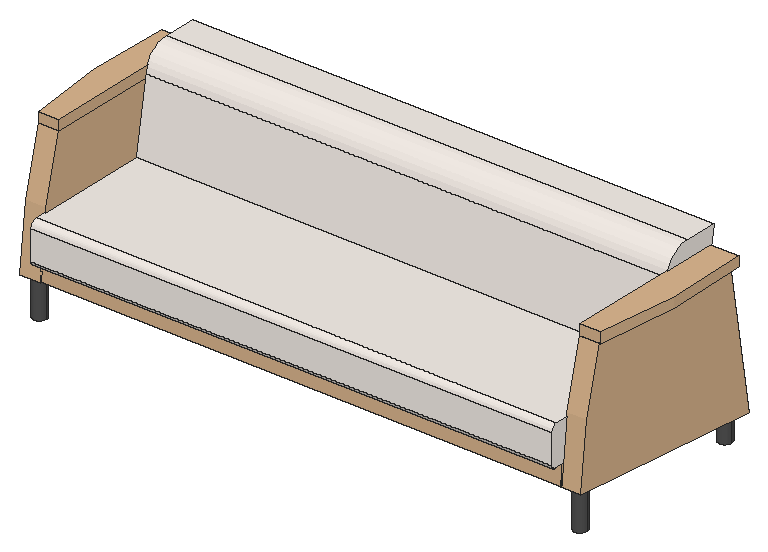
Revit family "d5020b1db5bb40e48c75e0b1f9d67896", category Furniture, Revit 2021
Family settings
  OmniClass Number = 23.40.20.14.14.14
  OmniClass Title = Settees, Sofas
  Seek Item ID = Sofa-Pensi-0000-USA-ENU
  Work Plane-Based = No
  Always vertical = Yes
  Cut with Voids When Loaded = No
  Shared = No
  Room Calculation Point = No
Parameters (values of type "84"")
  Frame Material = Cherry
  Default Elevation = 0' - 0"
  Assembly Code = "E2020200"
  Length = 7' - 0"
  Seat Material = Linen, Beige
  Feet Material = Steel, Chrome Plated
Types (3): name | Length
  (no name) | 7' - 0"
  84" | 7' - 0"
  65" | 5' - 5"
Reference planes (in)
  plane 1 "Center (Front/Back)": y = 10.90984
  plane 2: z = 0
  plane 3 "Center (Left/Right)": x = 10.96875
  plane 4: y = 27.40984
  plane 5: y = -5.59016
  plane 6: x = 52.96875
  plane 7: x = -31.03125
  plane 8: z = 29
  plane 9: z = 16
  plane 10: x = 49.96875
  plane 11: x = -28.03125
  plane 12: x = -29.53125
  plane 13: x = 51.46875
  plane 14: y = 24.90984
  plane 15: y = -2.09016
Forms (in)
  Extrusion 1, solid, material "Linen, Beige" <- "Seat Material"
    sketch origin (0, 0, 0) x (0, 1, 0) y (0, 0, 1)
      loop
        arc (-5.59016, 9.45378) -> (-5.40711, 9.01184) -> (-4.96516, 8.82878) r 0.625
        line (-4.96516, 8.82878) -> (26.2856, 8.82878) -> (23.99755, 24.41622) -> (24.65884, 28.5857) -> (19.77383, 28.5857)
        arc (19.77383, 28.5857) -> (17.20268, 27.64988) -> (15.8346, 25.2803) r 4
        line (15.8346, 25.2803) -> (13.99171, 14.82878) -> (-4.59016, 14.82878)
        arc (-4.59016, 14.82878) -> (-5.29727, 14.53589) -> (-5.59016, 13.82878) r 1
        line (-5.59016, 13.82878) -> (-5.59016, 9.45378)
    from -28.03125 to 49.96875
  Extrusion 2, solid, material "Cherry" <- "Frame Material"
    sketch origin (49.96875, 0, 0) x (0, 1, 0) y (0, 0, 1)
      loop
        line (-3.85, 5.87837) -> (27.40984, 3.14349) -> (23.96424, 24.64647) -> (-0.36986, 24.64647)
        arc (-0.36986, 24.64647) -> (-2.82561, 15.39513) -> (-3.85, 5.87837) r 62.93472
    from 0 to 3
  Extrusion 3, solid, material "Cherry" <- "Frame Material"
    sketch origin (-28.03125, 0, 0) x (0, 1, 0) y (0, 0, 1)
      loop
        line (23.96424, 24.64647) -> (-0.36986, 24.64647)
        arc (-0.36986, 24.64647) -> (-2.82561, 15.39513) -> (-3.85, 5.87837) r 62.93472
        line (-3.85, 5.87837) -> (27.40984, 3.14349) -> (23.96424, 24.64647)
    from 0 to -3
  Extrusion 4, solid, material "Cherry" <- "Frame Material"
    sketch origin (49.96875, 0, 0) x (0, 1, 0) y (0, 0, 1)
      loop
        line (-3.68879, 8.82878) -> (-3.68879, 5.82878) -> (26.31121, 5.82878) -> (26.31121, 8.82878) -> (-3.68879, 8.82878)
    from 0 to -78
  Extrusion 5, solid, material "Cherry" <- "Frame Material"
    sketch origin (-28.03125, 23.96424, 24.64647) x (-1, 0, 0) y (0, -1, 0)
      loop
        line (3, 24.3341) -> (0, 24.3341) -> (0, 0) -> (4, 0)
        arc (4, 0) -> (4.35795, 12.20231) -> (3, 24.3341) r 86.77548
      loop
        arc (-81.08351, 24.3341) -> (-82.53835, 12.20426) -> (-82.27875, -0.00975) r 86.9494
        line (-82.27875, -0.00975) -> (-78, -0.00975) -> (-78, 24.3341) -> (-81.08351, 24.3341)
    from 0 to 1.5
  Extrusion 6, solid, material "Steel, Chrome Plated" <- "Feet Material"
    sketch origin (0, 0, 0) x (1, 0, 0) y (0, 1, 0)
      loop
        circle (-29.53125, -2.09016) r 1
      loop
        circle (-29.53125, 24.90984) r 1
      loop
        circle (51.46875, 24.90984) r 1
      loop
        circle (51.46875, -2.09016) r 1
    from 0 to 5.84375
Lines and regions (in)
  Masking region 1
    outline origin (0, 0, 0) x (1, 0, 0) y (0, 1, 0)
      loop
        line (-28.03125, 27.40984) -> (-31.03125, 27.40984) -> (-31.03125, 23.96424) -> (-32.03125, 23.96424)
        arc (-32.03125, 23.96424) -> (-32.3892, 11.76194) -> (-31.03125, -0.36986) r 86.77548
        line (-31.03125, -0.36986) -> (-31.03125, -3.85) -> (-28.03125, -3.85) -> (-28.03125, -5.59016) -> (49.96875, -5.59016) -> (49.96875, -3.85) -> (52.96875, -3.85) -> (52.96875, -0.79898)
        arc (52.96875, -0.79898) -> (54.49611, 11.54167) -> (54.2475, 23.974) r 86.9494
        line (54.2475, 23.974) -> (52.96875, 23.974) -> (52.96875, 27.40984) -> (49.96875, 27.40984) -> (49.96875, 26.31121) -> (-28.03125, 26.31121) -> (-28.03125, 27.40984)
  symbolic lines
    curve 1: line (-28.03125, 26.2856, 0) -> (-28.03125, -3.85, 0)
    curve 2: line (-28.03125, 19.77383, 0) -> (49.96875, 19.77383, 0)
    curve 3: line (-28.03125, 19.77383, 0) -> (-28.03125, -3.85, 0)
    curve 4: line (49.96875, 19.77383, 0) -> (49.96875, -3.85, 0)
    curve 5: line (-28.03125, 26.2856, 0) -> (-28.03125, 19.77383, 0)
    curve 6: line (-28.03125, 19.77383, 0) -> (49.96875, 19.77383, 0)
    curve 7: line (49.96875, 26.2856, 0) -> (49.96875, 19.77383, 0)
    curve 8: line (-31.03125, 23.96424, 0) -> (-28.03125, 23.96424, 0)
    curve 9: line (-31.03125, -0.36986, 0) -> (-28.03125, -0.36986, 0)
    curve 10: line (49.96875, -0.36986, 0) -> (52.96875, -0.36986, 0)
    curve 11: line (52.96875, 23.974, 0) -> (49.96875, 23.974, 0)
Dimensions and locks (in)
  equal spacing: plane 7, plane 3 "Center (Left/Right)", plane 6
  "Length": plane 7 to plane 6
  equal spacing: plane 5, plane 1 "Center (Front/Back)", plane 4
  locked: plane 5 to plane 4 at 33
  locked: plane 14 to plane 4 at 2.5
  locked: plane 5 to plane 15 at 3.5
  locked: plane 7 to plane 11 at 3
  locked: plane 10 to plane 6 at 3
  locked: plane 7 to plane 12 at 1.5
  locked: plane 13 to plane 6 at 1.5
  Masking region 1 to Extrusion 5 = 0' - 3.48015"
  aligned and locked: Extrusion 1 to plane 10
  aligned and locked: plane 11 to Extrusion 1
  aligned and locked: Extrusion 2 to plane 6
  aligned and locked: plane 7 to Extrusion 3
  aligned and locked: Extrusion 1 to Extrusion 4 sketch curve
  aligned and locked: plane 11 to Extrusion 4
  aligned and locked: Extrusion 5 sketch curve to Extrusion 5 sketch curve
  aligned and locked: Extrusion 5 sketch curve to Extrusion 3
  aligned and locked: plane 5 to Extrusion 1
  aligned and locked: Masking region 1 sketch curve to Extrusion 3
  aligned and locked: Masking region 1 sketch curve to plane 4
  aligned and locked: Masking region 1 sketch curve to plane 6  (x2)
  aligned and locked: plane 6 to curve 10
  aligned and locked: Extrusion 5 to Masking region 1
  aligned and locked: plane 7 to Masking region 1 sketch curve
  aligned and locked: Masking region 1 sketch curve to Extrusion 5  (x2)
  aligned and locked: Extrusion 5 to Masking region 1 sketch curve
Automatic sketch dimensions
  Extrusion 1 sketch curve to plane 5 = 0' - 0"
  Extrusion 1 sketch curve to Extrusion 1 sketch curve = 0' - 0 5/8"
  Extrusion 1 sketch curve to Extrusion 1 sketch curve = 0' - 1"
  Extrusion 1 sketch curve to plane 1 "Center (Front/Back)" = 0' - 3.08188"
  Extrusion 1 sketch curve to plane 1 "Center (Front/Back)" = 0' - 4.92476"
  Extrusion 1 sketch curve to Extrusion 1 sketch curve = 0' - 3.93923"
  plane 4 to Extrusion 1 sketch curve = 0' - 3.41229"
  plane 8 to Extrusion 1 sketch curve = 0' - 0.4143"
  plane 4 to Extrusion 1 sketch curve = 0' - 2.751"
  plane 4 to Extrusion 1 sketch curve = 0' - 1.12424"
  Extrusion 1 sketch curve to Extrusion 1 sketch curve = 0' - 3.30541"
  Extrusion 1 sketch curve to Extrusion 1 sketch curve = 0' - 4.16949"
  plane 9 to Extrusion 1 sketch curve = 0' - 1.17122"
  Extrusion 1 sketch curve to Extrusion 1 sketch curve = 0' - 4 3/8"
  Extrusion 4 sketch curve to plane 5 = 0' - 1.90138"
  plane 4 to Extrusion 4 sketch curve = 0' - 1.09862"
  Extrusion 4 sketch curve to Extrusion 4 sketch curve = 0' - 3"
  Extrusion 5 sketch curve to plane 10 = 0' - 0"
  Extrusion 5 sketch curve to plane 11 = 0' - 0"
  Extrusion 5 sketch curve to plane 6 = 0' - 0.08351"
  Extrusion 5 sketch curve to plane 6 = 0' - 1.27875"
  Extrusion 5 sketch curve to plane 6 = 0' - 1.34435"
  plane 7 to Extrusion 5 sketch curve = 0' - 0"
  plane 7 to Extrusion 5 sketch curve = 0' - 1"
  plane 7 to Extrusion 5 sketch curve = 0' - 1.30643"
  plane 4 to Extrusion 5 sketch curve = 0' - 3.44559"
  plane 4 to Extrusion 5 sketch curve = 0' - 3.43584"
  Extrusion 6 sketch curve to plane 14 = 0' - 0"  (x2)
  Extrusion 6 sketch curve to plane 15 = 0' - 0"  (x2)
  Extrusion 6 sketch curve to plane 12 = 0' - 0"  (x2)
  Extrusion 6 sketch curve to plane 13 = 0' - 0"  (x2)
  Extrusion 6 sketch curve to plane 7 = 0' - 0 1/2"  (x2)
  Extrusion 6 sketch curve to plane 10 = 0' - 0 1/2"  (x2)
  Extrusion 2 sketch curve to Extrusion 1 = 0' - 1.74016"
  Extrusion 2 sketch curve to Extrusion 1 = 0' - 3.93923"
  Extrusion 2 sketch curve to Extrusion 1 = 0' - 5.22031"
  Extrusion 2 sketch curve to Extrusion 2 sketch curve = 2' - 0.3341"
  Extrusion 1 to Extrusion 2 sketch curve = 0' - 5.68529"
  Extrusion 2 sketch curve to Extrusion 2 sketch curve = 0' - 3.44559"
  Extrusion 1 to Extrusion 2 sketch curve = 0' - 4.90796"
  Extrusion 2 sketch curve to Extrusion 2 sketch curve = 2' - 7.64443"
  Extrusion 1 to Extrusion 3 sketch curve = 0' - 1.74016"
  Extrusion 1 to Extrusion 3 sketch curve = 0' - 3.93923"
  Extrusion 1 to Extrusion 3 sketch curve = 0' - 5.22031"
  Extrusion 3 sketch curve to Extrusion 3 sketch curve = 2' - 0.3341"
  Extrusion 3 sketch curve to Extrusion 3 sketch curve = 0' - 3.44559"
  Extrusion 3 sketch curve to Extrusion 1 = 0' - 5.68529"
  Extrusion 3 sketch curve to Extrusion 1 = 0' - 4.90796"
  Extrusion 3 sketch curve to Extrusion 3 sketch curve = 2' - 7.64443"
  curve 9 to plane 7 = 0' - 0"
  curve 8 to plane 7 = 0' - 0"
  curve 2 to plane 11 = 0' - 0"
  curve 7 to plane 10 = 0' - 0"
  curve 11 to plane 6 = 0' - 0"
  curve 1 to plane 5 = 0' - 1.74016"
  curve 4 to plane 5 = 0' - 1.74016"
  curve 1 to curve 9 = 0' - 3.48015"
  curve 4 to curve 10 = 0' - 3.48015"
  plane 4 to curve 2 = 0' - 7.63601"
  plane 4 to curve 8 = 0' - 3.44559"
  plane 4 to curve 11 = 0' - 3.43584"
  plane 4 to curve 5 = 0' - 1.12424"
  plane 4 to curve 7 = 0' - 1.12424"
  Masking region 1 sketch curve to plane 7 = 0' - 0"
  Masking region 1 sketch curve to plane 5 = 0' - 0"
  Masking region 1 sketch curve to plane 11 = 0' - 0"  (x2)
  Masking region 1 sketch curve to plane 10 = 0' - 0"  (x2)
  Masking region 1 sketch curve to Masking region 1 sketch curve = 0' - 1"
  Masking region 1 sketch curve to plane 5 = 0' - 1.74016"  (x2)
  plane 4 to Masking region 1 sketch curve = 0' - 1.09862"
